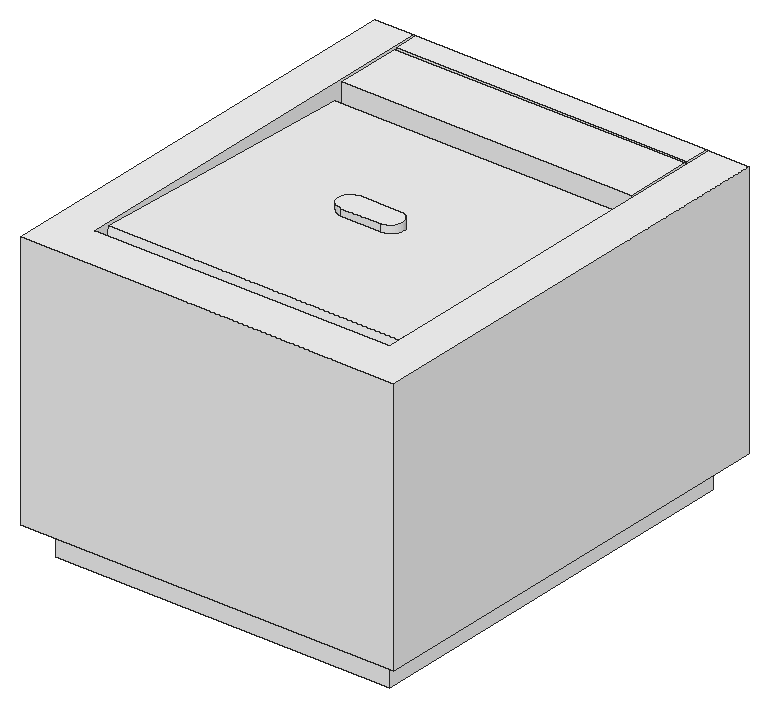
Revit family "Gira_010630", category Electrical Fixtures, host Face, Revit 2017
Family settings
  Host = Face
  Maintain Annotation Orientation = Yes
  Round Connector Dimension = Use Diameter
  Part Type = Normal
  Cut with Voids When Loaded = No
  Shared = No
  Room Calculation Point = No
Parameters (values of type "Rocker sw. off/2-way WP surface-mounted grey")
  With mounting plate = "No"
  Wiring system = "Two-way switch"
  White [instance] = White
  Washing machine switch = "No"
  URL = "http://katalog.gira.de/en/datenblatt.html?artikelnr=010630"
  Type of fastening = "Screw mounting"
  Surface protection = "Other"
  Suitable for degree of protection (IP) = "IP44"
  Rated current = "10"
  Push button switch = "No"
  Number of rockers = "1"
  Number of modules (module system) = "1"
  Nominal voltage = "250"
  Name = "Rocker sw. off/2-way WP surface-mounted grey"
  Mounting method = "Surface mounted (plaster)"
  Method of operation = "Rocker/button"
  Material quality = "Other"
  Material = "Other"
  Manufacturer URL = "https://www.gira.de/"
  Manufacturer = "Gira"
  Label space/information surface = "No"
  Illumination = "Yes"
  HeinzeBIM = "https://bimportal.heinze.de/bim/rocker-sw-off-2-way-wp-surface-mounted-grey/fcb84afc490c292ab84395f3e10d1376d8623abc"
  Halogen free = "No"
  HAN = "010630"
  GTIN = "4010337106302"
  Function lighting = "Illuminated (on)"
  Feedback-signal contact = "No"
  Description = "Rock.sw.off 2-w WP SM GY,Rocker switch 10 AX 250 V~,Universal off 2-way switch,grey,Notes :,- Can also be connected with illumination."
  Default Elevation = 1219.2 mm
  Data sheet (1) = "https://katalog.gira.de/en/download.html?artikelnr=010630"
  Connection type = "Plug clamp"
  Colour = "Grey"
  Category = "Switch"
  BIM (1) = "https://media.stage.bim.site/public/gira/36a6b08/IP44_Komplettgerät_Schalten und Tasten.rfa?public/gira/36a6b08/IP44_Komplettgerät_Schalten und Tasten.rfa"
  Available = "No"
  Assembly arrangement = "Basic element with complete housing"
Reference planes
  plane 1 "Center (Front/Back)": y = 0
  plane 2: z = 0
  plane 3 "Center (Left/Right)": x = 0
  plane 4: x = 30
  plane 5: x = -30
  plane 6: z = 41.4
Forms (mm)
  Extrusion 1, solid, material "White" <- "White", detail levels medium+fine
    sketch origin (0, 0, 0) x (1, 0, 0) y (0, 1, 0)
      loop
        line (-34, 41) -> (-34, -41) -> (34, -41) -> (34, 41) -> (-34, 41)
    from 0 to -6.2
  Extrusion 2, solid, material "White" <- "White", detail levels medium+fine
    sketch origin (0, 0, 0) x (1, 0, 0) y (0, 1, 0)
      loop
        line (-38, 45) -> (-38, -45) -> (38, -45) -> (38, 45) -> (-38, 45)
    from 0 to 52.4
  Extrusion 3, void
    sketch origin (0, 0, 0) x (1, 0, 0) y (0, 0, 1)
      loop
        line (-30, 59.413) -> (-30, 41.4) -> (30, 41.4) -> (30, 59.413) -> (-30, 59.413)
    from 36 to -113.06
  Extrusion 4, solid, material "White" <- "White", detail levels medium
    sketch origin (225, 0, 0) x (1, 0, 0) y (0, 1, 0)
      loop
        line (-254.5, 44.5) -> (-254.5, -35.5) -> (-195.5, -35.5) -> (-195.5, 44.5) -> (-254.5, 44.5)
    from 41.4 to 52.4
  Extrusion 5, solid, material "White" <- "White", detail levels fine
    sketch origin (0, 0, 0) x (1, 0, 0) y (0, 1, 0)
      loop
        line (-29.5, 45) -> (-29.5, 40) -> (29.5, 40) -> (29.5, 45) -> (-29.5, 45)
    from 41.4 to 52.4
  Extrusion 6, solid, material "White" <- "White", detail levels fine
    sketch origin (0, 0, 0) x (1, 0, 0) y (0, 1, 0)
      loop
        line (29.5, 39.5) -> (-29.5, 39.5) -> (-29.5, 26) -> (29.5, 26) -> (29.5, 39.5)
    from 41.4 to 52.4
  Extrusion 7, solid, material "White" <- "White", detail levels fine
    sketch origin (0, 0, 0) x (1, 0, 0) y (0, 1, 0)
      loop
        arc (-4, -1) -> (-6.5, -3.5) -> (-4, -6) r 2.5
        line (-4, -6) -> (4, -6)
        arc (4, -6) -> (6.5, -3.5) -> (4, -1) r 2.5
        line (4, -1) -> (-4, -1)
    from 41.4 to 52.4
  Extrusion 8, solid, material "White" <- "White", detail levels coarse
    sketch origin (0, 0, 0) x (1, 0, 0) y (0, 1, 0)
      loop
        line (-38, 46) -> (-38, -45) -> (38, -45) -> (38, 46) -> (-38, 46)
    from -6.2 to 52.4
  Extrusion 9, solid, material "White" <- "White", detail levels medium+fine
    sketch origin (0, 0, 0) x (1, 0, 0) y (0, 0, 1)
      loop
        circle (0, 14) r 3.6
    from -46 to -45
  Extrusion 10, solid, material "White" <- "White", detail levels fine
    sketch origin (0, 0, 0) x (0, 1, 0) y (0, 0, 1)
      loop
        line (-36, 41.4) -> (26, 41.4) -> (24.38, 49.736) -> (-33.115, 52.169) -> (-36, 41.4)
    from -29.5 to 29.5
Cuts and joins
  Extrusion 3 cuts Extrusion 2
Dimensions and locks
  aligned and locked: plane 2 to host face
  aligned and locked: level to host face
  aligned and locked: plane 3 "Center (Left/Right)" to nested 1
  aligned and locked: plane 1 "Center (Front/Back)" to nested 1
Nested families
  nested 1: "Schalter" at (0, 0, 0), type "Schalter"
Connectors
  electrical at (0, 0, -6.2)
    settings: on Extrusion 1, index 1, voltage 224 V, apparent load 0 VA, apparent load phase1 0 VA, apparent load phase2 0 VA, apparent load phase3 0 VA, power factor 1, load classification "Other", number of poles 1, system type 30, power factor state 1, is connector primary yes, connector utility no, sub classification motor no, connector description ""
Definition of nested family "Schalter"
  Reference planes
    plane 1: y = 0
    plane 2: x = 0
  Lines and regions (mm)
    detail lines
      curve 1: circle (1.375, 2.778, 0) r 0.8 normal (0, 0, 1)
      curve 2: line (1.021, 2.061, 0) -> (0, 0, 0)
      curve 3: line (0, 0, 0) -> (-0.538, 0.266, 0)
  Dimensions and locks
    curve 2 to curve 2 = 2.3 mm
    curve 3 to curve 2 = 0.6 mm
    radius of curve 1 = 0.8 mm
